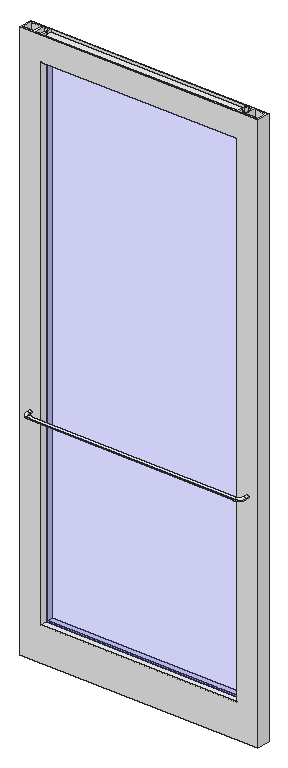
Revit family "kawneer-260_insulclad-sgl_20617", category Doors, Revit 2015
Parameters
  Width = 0"
  Water - Static (ASTM E 331) = "product not tested"
  URL = "http://www.kawneer.com/kawneer/north_america/en/product.asp?prod_id=1821"
  Type of Glazing = "insulating"
  Type Comments = "Narrow Stile Insulated Swing Door"
  Thermal Transmittance = "n/a< 0.67 BTU/hr/sf/F"
  Sub Category3 = ""
  Sub Category2 = ""
  Sub Category1 = ""
  Sightline = 0"
  Short Description = "Narrow Stile Insulated Swing Door"
  Product data url = "https://bimobject.com/kawneerna/product/20617"
  Panel Inserts Material = Glass
  Overall U-Factor = "product not tested"
  Model = "260 Insulclad®"
  Manufacturer Part Number = "260 Insulclad®"
  Manufacturer = "Kawneer"
  Keywords = "Entrance, Door, Swing Door, Thermally Broken"
  Hurricane Resistant Tested = "product not tested"
  Hinging Types = "Offset Pivot, Butt Hinge, Continuous Gear Hinge"
  Height [instance] = 84"
  Glazing Thickness = 0"
  Glass U-Factor = "product not tested"
  Glass Installtion = "outside"
  Glass Capture [instance] = "Captured"
  Function (Interior or Exterior) = "Exterior"
  Function = Interior
  Finish = "any"
  Door Panel Material = Aluminum - ASTM B 221 - 6063-T6 alloy and temper
  Door Handle Material = Aluminum - ASTM B 221 - 6063-T6 alloy and temper
  Door Corner Construction = "Welded"
  Design Pressure = "n/a"
  Design Load = "n/a"
  Description = "The \"260 Insulclad\" is a narrow stile entrance door that is thermally broken and features the dual moment corner construction."
  Depth = 2"
  Color = "any"
  Cladding Type = "Aluminum - ASTM B 221 - 6063-T6 alloy and temper"
  CSI Masterformat Code = "08 41 13"
  Assembly Code = "B2030110"
  Application = "moderate traffic, thermal"
  Air Infiltration (ASTM E 283) = "< 0.50 cfm/ft2  @ 6.24 psf (300 Pa), Single Doors,"
  2-Color Option = "yes"
Reference planes
  plane 1 "Center (Front/Back)": y = 0
  plane 2: z = 0
  plane 3 "Center (Left/Right)": x = 546.923
  plane 4: x = 96.923
  plane 5: x = 996.923
  plane 6 "Top": z = 2133.6
Text (mm)
  text "Exterior" at (-1161.5, 797.241, 0), in view "Ref. Level"
Dimensions and locks
  equal spacing: plane 4, plane 3 "Center (Left/Right)", plane 5
  "Height": plane 2 to plane 6 "Top"
  aligned and locked: plane 4 to nested 1
  aligned and locked: plane 5 to nested 1
  aligned and locked: nested 1 to plane 1 "Center (Front/Back)"
Nested families
  nested 1: "Kawneer-260_Insulclad-Sgl" at (236.567, -50, 0) x (-1, 0, 0) z (0, 0, 1), Height <- "Height", type "Kawneer-260_Insulclad-Sgl"
    with Width 35.43307", Height 84", Door Handle Width 32.30807"
Definition of nested family "Kawneer-260_Insulclad-Sgl"
  Parameters
    Width [instance] = 32"
    Water - static (ASTM E 331) = ""
    Type of Glazing = ""
    Thermal transmittance = ""
    Sub Category3 = ""
    Sub Category2 = ""
    Sub Category1 = ""
    Short Description = ""
    Performance standards = ""
    Panel Inserts Material = none
    Overall U-Factor = ""
    Mfr Part Num = ""
    Manufacturer = "Kawneer"
    Keywords = ""
    Hurricane Resistant Tested = ""
    Hinging Types = ""
    Height [instance] = 84"
    Glass capture = ""
    Glass U-Factor = ""
    Glass Installtion = ""
    Function (Interior or Exterior) = ""
    Door Panel Material = none
    Door Hangle Material = none
    Door Hangle Height = 33 25/256"
    Door Handle Width [instance] = Width - (1 9/16" * 2)  # 28 7/8"
    Door Corner Construction = ""
    Design load = ""
    Design Pressure = ""
    Depth = 2"
    Color = ""
    Cladding Type = ""
    CSI Mastformat Code = ""
    Assembly Code = "B2030110"
    Application = ""
    Air Infiltration (ASTM E 283) = ""
    2-Color Option = ""
  Reference planes
    plane 1 "Center (Front/Back)": y = -50
    plane 2: z = 0
    plane 3 "Center (Left/Right)": x = -310.356
    plane 4: x = -716.756
    plane 5: x = 96.044
    plane 6: y = -24.6
    plane 7: y = -75.4
    plane 8: z = 2133.6
    plane 9: z = 840.68
    plane 10: x = -637.381
    plane 11: x = 16.669
    plane 12: x = -677.069
  Forms (mm)
    Sweep 1, solid, material <- "Door Panel Material"
      path origin (0, -50, 0) x (1, 0, 0) y (0, 0, 1)
        loop
          line (-716.756, 2133.6) -> (-716.756, 0)
      profile "IC260 Side : IC260 Side" origin (-716.756, -50, 1066.8) x (1, 0, 0) y (0, -1, 0)
        loop
          line (48.975, -20.4) -> (48.975, 20.439) -> (4.961, 20.439) -> (4.961, -20.4) -> (48.975, -20.4)
        loop
          line (79.375, 25.4) -> (0, 25.4) -> (0, -25.4) -> (79.375, -25.4) -> (79.375, -5.418) -> (74.414, -5.418) -> (74.414, -20.4) -> (53.975, -20.4) -> (53.975, 20.4) -> (74.414, 20.4) -> (74.414, 5.418) -> (79.375, 5.418) -> (79.375, 25.4)
    Sweep 2, solid, material <- "Door Panel Material"
      path origin (0, -50, 0) x (1, 0, 0) y (0, 0, 1)
        loop
          line (96.044, 2133.6) -> (96.044, 0)
      profile "IC260 Side : IC260 Side" origin (96.044, -50, 1066.8) x (1, 0, 0) y (0, -1, 0)
        loop
          line (-48.975, 20.4) -> (-48.975, -20.439) -> (-4.961, -20.439) -> (-4.961, 20.4) -> (-48.975, 20.4)
        loop
          line (-79.375, -25.4) -> (0, -25.4) -> (0, 25.4) -> (-79.375, 25.4) -> (-79.375, 5.418) -> (-74.414, 5.418) -> (-74.414, 20.4) -> (-53.975, 20.4) -> (-53.975, -20.4) -> (-74.414, -20.4) -> (-74.414, -5.418) -> (-79.375, -5.418) -> (-79.375, -25.4)
    Sweep 3, solid, material <- "Door Panel Material"
      path origin (0, -50, 0) x (1, 0, 0) y (0, 0, 1)
        loop
          line (-637.381, 2133.6) -> (16.669, 2133.6)
      profile "IC260 Top : IC260 Top" origin (-310.356, -50, 2133.6) x (0, 0, 1) y (0, -1, 0)
        loop
          line (-52.15, 20.4) -> (-52.15, -20.439) -> (-15, -20.439) -> (-15, 20.4) -> (-52.15, 20.4)
        loop
          line (-57.15, -20.4) -> (-85.089, -20.4) -> (-85.089, -5.418) -> (-90.05, -5.418) -> (-90.05, -25.4) -> (0, -25.4) -> (0, -20.4) -> (-10, -20.4) -> (-10, 20.4) -> (0, 20.4) -> (0, 25.4) -> (-90.05, 25.4) -> (-90.05, 5.418) -> (-85.089, 5.418) -> (-85.089, 20.4) -> (-57.15, 20.4) -> (-57.15, -20.4)
    Sweep 4, solid, material <- "Door Panel Material"
      path origin (0, -50, 0) x (1, 0, 0) y (0, 0, 1)
        loop
          line (-637.381, 0) -> (16.669, 0)
      profile "IC260 Bottom : IC260 Bottom" origin (-310.356, -50, 0) x (0, 0, 1) y (0, -1, 0)
        loop
          line (93.425, -20.4) -> (93.425, 20.439) -> (15, 20.439) -> (15, -20.4) -> (93.425, -20.4)
        loop
          line (98.425, 20.4) -> (126.364, 20.4) -> (126.364, 5.418) -> (131.325, 5.418) -> (131.325, 25.4) -> (0, 25.4) -> (0, 20.4) -> (10, 20.4) -> (10, -20.4) -> (0, -20.4) -> (0, -25.4) -> (131.325, -25.4) -> (131.325, -5.418) -> (126.364, -5.418) -> (126.364, -20.4) -> (98.425, -20.4) -> (98.425, 20.4)
    Extrusion 5, solid, material <- "Panel Inserts Material"
      sketch origin (0, 0, 0) x (1, 0, 0) y (0, 1, 0)
        loop
          line (-642.342, -44.582) -> (-642.342, -55.418) -> (21.63, -55.418) -> (21.63, -44.582) -> (-642.342, -44.582)
      from 126.364 to 2048.511
  Cuts and joins
    joined: Sweep 1, Sweep 2, Sweep 3, Sweep 4
  Dimensions and locks
    equal spacing: plane 4, plane 3 "Center (Left/Right)", plane 5
    equal spacing: plane 6, plane 1 "Center (Front/Back)", plane 7
    "Depth": plane 6 to plane 7
    "Width": plane 4 to plane 5
    "Height": plane 8 to level
    "Door Hangle Height": plane 9 to level
    locked: plane 4 to plane 10 at 79.375
    locked: plane 11 to plane 5 at 79.375
    locked: plane 4 to plane 12 at 39.687
    aligned and locked: plane 7 to nested 1
    aligned and locked: plane 9 to nested 1
    aligned and locked: nested 2 to plane 6
    aligned and locked: nested 2 to plane 9
    aligned and locked: plane 8 to Sweep 1 sketch curve
    aligned and locked: level to Sweep 1 sketch curve
    aligned and locked: plane 8 to Sweep 2 sketch curve
    aligned and locked: level to Sweep 2 sketch curve
    aligned and locked: plane 12 to nested 1
    aligned and locked: plane 10 to Sweep 3 sketch curve
    aligned and locked: plane 11 to Sweep 3 sketch curve
    aligned and locked: plane 10 to Sweep 4 sketch curve
    aligned and locked: plane 11 to Sweep 4 sketch curve
    aligned and locked: Extrusion 5 sketch curve to cut or joined group of Sweep 1, Sweep 2, Sweep 3, Sweep 4  (x2)
    aligned and locked: cut or joined group of Sweep 1, Sweep 2, Sweep 3, Sweep 4 to Extrusion 5 sketch curve  (x2)
    aligned and locked: cut or joined group of Sweep 1, Sweep 2, Sweep 3, Sweep 4 to Extrusion 5  (x2)
  Automatic sketch dimensions
    Sweep 1 sketch curve to plane 4 = 0"
    Sweep 2 sketch curve to plane 5 = 0"
    Sweep 3 sketch curve to plane 8 = 0"
    Sweep 4 sketch curve to level = 0"
  Nested families
    nested 1: "Style CO 9 Pull" at (-715.103, -75.4, 612.08), type "Style CO 9 Pull"
    nested 2: "Style CP II Push Bar" at (-260.356, -24.6, 840.68), type "Style CP II Push Bar"
      with Width 28 7/8"
  Definition of nested family "Style CO 9 Pull"
    Parameters
      Width = 1.1811"
      Height = 9"
      Hangle Material = none
      Depth = 1.1811"
    Reference planes
      plane 1 "Center (Front/Back)": y = 0
      plane 2: z = 0
      plane 3 "Center (Left/Right)": x = 53.034
      plane 4: y = -30
      plane 5: x = 38.034
      plane 6: x = 68.034
      plane 7: x = 46.034
      plane 8 "Top": z = 228.6
      plane 9: x = 60.034
      plane 10: z = 220.6
      plane 11: z = 8
    Forms (mm)
      Sweep 1, solid, material <- "Hangle Material"
        path origin (0, 0, 0) x (1, 0, 0) y (0, 1, 0)
          loop
            line (38.034, 0) -> (38.034, -23)
            arc (38.034, -23) -> (40.085, -27.95) -> (45.034, -30) r 7
            line (45.034, -30) -> (60.034, -30)
        profile origin (38.034, -11.5, 0) x (1, 0, 0) y (0, 0, 1)
          loop
            circle (0, 0) r 5
      Sweep 2, solid, material <- "Hangle Material"
        path origin (0, 0, 228.6) x (-1, 0, 0) y (0, -1, 0)
          loop
            line (-38.034, 0) -> (-38.034, 23)
            arc (-38.034, 23) -> (-40.085, 27.95) -> (-45.034, 30) r 7
            line (-45.034, 30) -> (-60.034, 30)
        profile origin (38.034, -11.5, 228.6) x (1, 0, 0) y (0, 0, 1)
          loop
            circle (0, 0) r 5
      Sweep 3, solid, material <- "Hangle Material"
        path origin (-1540.712, -30, 1200) x (-1, 0, 0) y (0, 0, 1)
          loop
            arc (-1600.747, -1200) -> (-1606.404, -1197.657) -> (-1608.747, -1192) r 8
            line (-1608.747, -1192) -> (-1608.747, -979.4)
            arc (-1608.747, -979.4) -> (-1606.404, -973.743) -> (-1600.747, -971.4) r 8
        profile origin (68.034, -30, 114.3) x (1, 0, 0) y (0, 1, 0)
          loop
            circle (0, 0) r 5
    Cuts and joins
      joined: Sweep 1, Sweep 2, Sweep 3
    Dimensions and locks
      "Depth": plane 4 to plane 1 "Center (Front/Back)"
      equal spacing: plane 5, plane 3 "Center (Left/Right)", plane 6
      locked: plane 5 to plane 7 at 8
      "Width": plane 5 to plane 6
      "Height": plane 8 "Top" to level
      locked: plane 9 to plane 6 at 8
      locked: level to plane 11 at 8
      locked: plane 10 to plane 8 "Top" at 8
      aligned and locked: Sweep 1 sketch curve to plane 5
      aligned and locked: Sweep 1 sketch curve to plane 4
      aligned and locked: plane 1 "Center (Front/Back)" to Sweep 1 sketch curve
      aligned and locked: plane 9 to Sweep 1 sketch curve
      aligned and locked: Sweep 2 sketch curve to plane 5
      aligned and locked: Sweep 2 sketch curve to plane 4
      aligned and locked: plane 1 "Center (Front/Back)" to Sweep 2 sketch curve
      aligned and locked: plane 9 to Sweep 2 sketch curve
      aligned and locked: plane 6 to Sweep 3 sketch curve  (x2)
      aligned and locked: plane 10 to Sweep 3 sketch curve
      aligned and locked: plane 11 to Sweep 3 sketch curve
      aligned and locked: plane 9 to Sweep 3 sketch curve  (x2)
      aligned and locked: plane 8 "Top" to Sweep 3 sketch curve
      aligned and locked: level to Sweep 3 sketch curve
      aligned and locked: plane 4 to Sweep 3 sketch curve
    Automatic sketch dimensions
      Sweep 1 sketch curve to plane 7 = 0.03937"
      Sweep 1 sketch curve to level = 0"
      Sweep 1 sketch curve to profile plane = 0"
      Sweep 2 sketch curve to plane 7 = 0.03937"
      Sweep 2 sketch curve to plane 8 "Top" = 0"
      Sweep 2 sketch curve to profile plane = 0"
      radius of Sweep 1 sketch curve = 0.19685"
      radius of Sweep 2 sketch curve = 0.19685"
      radius of Sweep 3 sketch curve = 0.19685"
  Definition of nested family "Style CP II Push Bar"
    Parameters
      Width = 28"
      Hangle Material = none
      Depth = 1.1811"
    Reference planes
      plane 1 "Center (Front/Back)": y = 0
      plane 2: z = 0
      plane 3 "Center (Left/Right)": x = -50
      plane 4: x = -405.6
      plane 5: x = 305.6
      plane 6: y = -30
      plane 7: z = 0
    Forms (mm)
      Sweep 1, solid, material <- "Hangle Material"
        path origin (0, 0, 0) x (1, 0, 0) y (0, 1, 0)
          loop
            line (-405.6, 0) -> (-405.6, -15)
            arc (-405.6, -15) -> (-401.207, -25.607) -> (-390.6, -30) r 15
            line (-390.6, -30) -> (290.6, -30)
            arc (290.6, -30) -> (301.207, -25.607) -> (305.6, -15) r 15
            line (305.6, -15) -> (305.6, 0)
        profile origin (-50, -30, 0) x (0, 1, 0) y (0, 0, 1)
          loop
            circle (0, 0) r 5
    Dimensions and locks
      "Depth": plane 6 to plane 1 "Center (Front/Back)"
      equal spacing: plane 4, plane 3 "Center (Left/Right)", plane 5
      "Width": plane 4 to plane 5
      aligned and locked: Sweep 1 sketch curve to plane 5
      aligned and locked: plane 1 "Center (Front/Back)" to Sweep 1 sketch curve  (x2)
      aligned and locked: Sweep 1 sketch curve to plane 4
      aligned and locked: level to plane 7
    Automatic sketch dimensions
      Sweep 1 sketch curve to level = 0"
      Sweep 1 sketch curve to profile plane = 0"
      Sweep 1 sketch curve to plane 6 = 0"
      plane 4 to Sweep 1 sketch curve = 0.59055"
      plane 1 "Center (Front/Back)" to Sweep 1 sketch curve = 0.59055"
      radius of Sweep 1 sketch curve = 0.19685"
